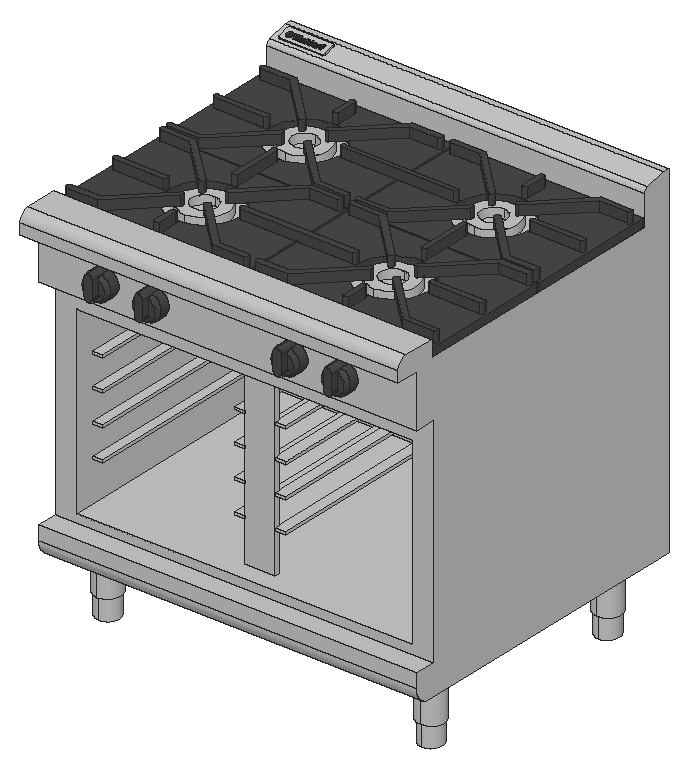
Revit family "QF_MOFFAT WALDORF_RNL8900G-CB", category Specialty Equipment, Revit 2012 (continued)
Automatic sketch dimensions
  Extrusion 7 sketch curve to Extrusion 7 sketch curve = 119.204 mm  (x2)
  Extrusion 7 sketch curve to Extrusion 7 sketch curve = 130.621 mm  (x3)
  Extrusion 7 sketch curve to Extrusion 7 sketch curve = 28.921 mm  (x3)
  Extrusion 7 sketch curve to Extrusion 7 sketch curve = 49.825 mm  (x2)
  Extrusion 1 to Split face 1 sketch curve = 5.177 mm
  Split face 1 sketch curve to Extrusion 1 = 9.153 mm
  Split face 1 sketch curve to Extrusion 1 = 154.563 mm
  Split face 1 sketch curve to Split face 1 sketch curve = 20.0 mm
  Revolve 8 sketch curve to Revolve 8 sketch curve = 23.0 mm
  Revolve 8 sketch curve to Revolve 8 sketch curve = 12.7 mm
  Revolve 8 sketch curve to Revolve 8 sketch curve = 0.0 mm  (x2)
  Revolve 8 sketch curve to plane 6 "TOP" = 166.768 mm
  Revolve 8 sketch curve to Revolve 8 sketch curve = 5.0 mm
  Revolve 8 sketch curve to Revolve 8 sketch curve = 26.651 mm
  Revolve 8 sketch curve to Revolve 8 sketch curve = 5.849 mm
  plane 4 "RIGHT" to Extrusion 9 sketch curve = 175.0 mm
  Extrusion 9 sketch curve to Extrusion 9 sketch curve = 10.0 mm
  Extrusion 9 sketch curve to plane 6 "TOP" = 178.87 mm
  Extrusion 9 sketch curve to Extrusion 9 sketch curve = 38.997 mm
  Revolve 10 sketch curve to plane 5 "FRONT" = 12.0 mm
  Revolve 10 sketch curve to Revolve 10 sketch curve = 0.0 mm  (x2)
  Revolve 10 sketch curve to Revolve 10 sketch curve = 11.0 mm
  Revolve 10 sketch curve to Revolve 10 sketch curve = 12.7 mm
  Revolve 10 sketch curve to Revolve 10 sketch curve = 23.0 mm
  Revolve 10 sketch curve to Revolve 10 sketch curve = 10.0 mm
  Revolve 10 sketch curve to plane 6 "TOP" = 134.467 mm
  Revolve 10 sketch curve to Revolve 10 sketch curve = 5.849 mm
  Revolve 10 sketch curve to Revolve 10 sketch curve = 27.5 mm
  Revolve 10 sketch curve to Revolve 10 sketch curve = 5.0 mm
  plane 7 "Center Y" to Extrusion 11 sketch curve = 175.0 mm
  Extrusion 11 sketch curve to Extrusion 11 sketch curve = 10.0 mm
  Extrusion 11 sketch curve to plane 6 "TOP" = 139.873 mm
  Extrusion 11 sketch curve to Extrusion 11 sketch curve = 39.0 mm
  Extrusion 1 to Split face 2 sketch curve = 5.177 mm
  Split face 2 sketch curve to Extrusion 1 = 9.153 mm
  Split face 2 sketch curve to Extrusion 1 = 204.563 mm
  Split face 2 sketch curve to Split face 2 sketch curve = 20.0 mm
  Extrusion 1 to Split face 3 sketch curve = 5.177 mm
  Split face 3 sketch curve to Extrusion 1 = 9.153 mm
  Split face 3 sketch curve to Extrusion 1 = 254.563 mm
  Split face 3 sketch curve to Split face 3 sketch curve = 20.0 mm
  Extrusion 1 to Split face 4 sketch curve = 5.177 mm
  Split face 4 sketch curve to Extrusion 1 = 9.153 mm
  Split face 4 sketch curve to Extrusion 1 = 304.563 mm
  Split face 4 sketch curve to Split face 4 sketch curve = 20.0 mm
  Extrusion 1 to Split face 5 sketch curve = 5.177 mm
  Split face 5 sketch curve to Extrusion 1 = 9.153 mm
  Split face 5 sketch curve to Extrusion 1 = 354.563 mm
  Split face 5 sketch curve to Split face 5 sketch curve = 20.0 mm
  Extrusion 1 to Split face 6 sketch curve = 5.177 mm
  Split face 6 sketch curve to Extrusion 1 = 9.153 mm
  Split face 6 sketch curve to Extrusion 1 = 404.563 mm
  Split face 6 sketch curve to Split face 6 sketch curve = 20.0 mm
  Extrusion 1 to Split face 7 sketch curve = 5.177 mm
  Split face 7 sketch curve to Extrusion 1 = 9.153 mm
  Split face 7 sketch curve to Extrusion 1 = 445.437 mm
  Split face 7 sketch curve to Split face 7 sketch curve = 20.0 mm
  Extrusion 1 to Split face 8 sketch curve = 5.177 mm
  Split face 8 sketch curve to Extrusion 1 = 9.153 mm
  Split face 8 sketch curve to Extrusion 1 = 395.437 mm
  Split face 8 sketch curve to Split face 8 sketch curve = 20.0 mm
  Extrusion 1 to Split face 9 sketch curve = 5.177 mm
  Split face 9 sketch curve to Extrusion 1 = 9.153 mm
  Split face 9 sketch curve to Extrusion 1 = 345.437 mm
  Split face 9 sketch curve to Split face 9 sketch curve = 20.0 mm
  Extrusion 1 to Split face 10 sketch curve = 5.177 mm
  Split face 10 sketch curve to Extrusion 1 = 9.153 mm
  Split face 10 sketch curve to Extrusion 1 = 295.437 mm
  Split face 10 sketch curve to Split face 10 sketch curve = 20.0 mm
  Extrusion 1 to Split face 11 sketch curve = 5.177 mm
  Split face 11 sketch curve to Extrusion 1 = 9.153 mm
  Split face 11 sketch curve to Extrusion 1 = 245.437 mm
  Split face 11 sketch curve to Split face 11 sketch curve = 20.0 mm
  Extrusion 1 to Split face 12 sketch curve = 5.177 mm
  Split face 12 sketch curve to Extrusion 1 = 9.153 mm
  Split face 12 sketch curve to Extrusion 1 = 195.437 mm
  Split face 12 sketch curve to Split face 12 sketch curve = 20.0 mm
  Revolve 12 sketch curve to plane 9 "Base Height" = 0.0 mm
  Revolve 12 sketch curve to level = 0.0 mm
  level to Revolve 12 sketch curve = 50.0 mm
  plane 1 "BACK" to Revolve 12 sketch curve = 131.75 mm
  Revolve 12 sketch curve to Revolve 12 sketch curve = 4.25 mm
  Revolve 12 sketch curve to Revolve 12 sketch curve = 27.5 mm  (x2)
  Revolve 12 sketch curve to Revolve 12 sketch curve = 55.0 mm
  Revolve 12 sketch curve to Revolve 12 sketch curve = 0.0 mm
  Revolve 13 sketch curve to plane 9 "Base Height" = 0.0 mm
  Revolve 13 sketch curve to level = 0.0 mm
  level to Revolve 13 sketch curve = 50.0 mm
  Revolve 13 sketch curve to plane 5 "FRONT" = 148.25 mm
  Revolve 13 sketch curve to Revolve 13 sketch curve = 4.25 mm
  Revolve 13 sketch curve to Revolve 13 sketch curve = 27.5 mm  (x2)
  Revolve 13 sketch curve to Revolve 13 sketch curve = 55.0 mm
  Revolve 13 sketch curve to Revolve 13 sketch curve = 0.0 mm
  Revolve 14 sketch curve to plane 9 "Base Height" = 0.0 mm
  Revolve 14 sketch curve to level = 0.0 mm
  level to Revolve 14 sketch curve = 50.0 mm
  plane 1 "BACK" to Revolve 14 sketch curve = 131.75 mm
  Revolve 14 sketch curve to Revolve 14 sketch curve = 4.25 mm
  Revolve 14 sketch curve to Revolve 14 sketch curve = 27.5 mm  (x2)
  Revolve 14 sketch curve to Revolve 14 sketch curve = 0.0 mm
  Revolve 14 sketch curve to Revolve 14 sketch curve = 55.0 mm
  Revolve 15 sketch curve to plane 9 "Base Height" = 0.0 mm
  Revolve 15 sketch curve to level = 0.0 mm
  level to Revolve 15 sketch curve = 50.0 mm
  Revolve 15 sketch curve to plane 5 "FRONT" = 148.25 mm
  Revolve 15 sketch curve to Revolve 15 sketch curve = 4.25 mm
  Revolve 15 sketch curve to Revolve 15 sketch curve = 27.5 mm  (x2)
  Revolve 15 sketch curve to Revolve 15 sketch curve = 0.0 mm
  Revolve 15 sketch curve to Revolve 15 sketch curve = 55.0 mm
  Extrusion 1 to Extrusion 16 sketch curve = 0.0 mm  (x3)
  Extrusion 1 to Extrusion 16 sketch curve = 50.0 mm  (x2)
  Extrusion 1 to Extrusion 16 sketch curve = 60.0 mm
  Extrusion 1 sketch curve to plane 5 "FRONT" = 0.0 mm
  plane 10 to Extrusion 1 sketch curve = 0.0 mm
  Extrusion 1 sketch curve to plane 9 "Base Height" = 0.0 mm  (x2)
  Extrusion 1 sketch curve to plane 6 "TOP" = 0.0 mm
  Extrusion 1 sketch curve to plane 1 "BACK" = 0.0 mm
  Extrusion 1 sketch curve to plane 5 "FRONT" = 24.0 mm
  Extrusion 1 sketch curve to plane 5 "FRONT" = 56.0 mm  (x2)
  Extrusion 1 sketch curve to Extrusion 1 sketch curve = 38.0 mm
  Extrusion 1 sketch curve to Extrusion 1 sketch curve = 44.0 mm
  Extrusion 1 sketch curve to Extrusion 1 sketch curve = 12.0 mm  (x2)
  Extrusion 1 sketch curve to Extrusion 1 sketch curve = 100.0 mm
  plane 1 "BACK" to Extrusion 1 sketch curve = 70.0 mm
  Extrusion 1 sketch curve to plane 6 "TOP" = 12.354 mm
  Extrusion 1 sketch curve to Extrusion 1 sketch curve = 8.894 mm
  Extrusion 1 sketch curve to Extrusion 1 sketch curve = 15.0 mm
  Extrusion 1 sketch curve to Extrusion 1 sketch curve = 34.5 mm
  plane 10 to Extrusion 1 sketch curve = 175.0 mm
  Extrusion 1 sketch curve to Extrusion 1 sketch curve = 25.0 mm
  plane 10 to Extrusion 1 sketch curve = 40.0 mm
  Extrusion 16 sketch curve to Extrusion 1 = 0.0 mm
  Extrusion 16 sketch curve to Extrusion 1 = 92.5 mm
  plane 1 "BACK" to Extrusion 17 sketch curve = 87.26 mm
  plane 4 "RIGHT" to Extrusion 17 sketch curve = 67.262 mm
  Extrusion 17 sketch curve to Extrusion 17 sketch curve = 81.0 mm
  Extrusion 17 sketch curve to Extrusion 17 sketch curve = 48.5 mm
  plane 1 "BACK" to Extrusion 17 sketch curve = 38.76 mm
  Extrusion 17 sketch curve to plane 1 "BACK" = 30.24 mm
  Extrusion 1 to Extrusion 19 sketch curve = 75.0 mm  (x2)
  Extrusion 19 sketch curve to Extrusion 1 = 188.75 mm  (x3)
  Extrusion 19 sketch curve to Extrusion 19 sketch curve = 0.0 mm  (x6)
  Extrusion 1 to Extrusion 19 sketch curve = 50.0 mm  (x4)
  Extrusion 19 sketch curve to Extrusion 19 sketch curve = 6.35 mm  (x16)
  Extrusion 19 sketch curve to Extrusion 19 sketch curve = 68.65 mm  (x12)
  Extrusion 19 sketch curve to Extrusion 19 sketch curve = 25.0 mm  (x16)
  Extrusion 19 sketch curve to Extrusion 19 sketch curve = 314.5 mm
  Extrusion 19 sketch curve to Extrusion 19 sketch curve = 71.0 mm  (x4)
  Extrusion 18 sketch curve to Extrusion 1 = 92.5 mm
  Extrusion 1 to Extrusion 18 sketch curve = 60.0 mm
  Extrusion 1 to Extrusion 18 sketch curve = 414.5 mm
  Extrusion 18 sketch curve to Extrusion 18 sketch curve = 71.0 mm
  curve 70 to curve 114 = 0.813 mm
  curve 84 to curve 119 = 0.813 mm
  curve 96 to curve 116 = 1.826 mm
  curve 104 to curve 118 = 1.826 mm
  curve 108 to curve 118 = 6.242 mm
  curve 81 to curve 120 = 7.144 mm
  curve 117 to curve 90 = 1.573 mm
  curve 119 to curve 84 = 0.672 mm
  curve 104 to curve 115 = 7.242 mm
  curve 70 to curve 114 = 8.144 mm
  curve 116 to curve 88 = 0.573 mm
  curve 86 to curve 113 = 0.328 mm
  plane 3 "LEFT" to Extrusion 7 sketch curve = 13.21 mm  (x3)
  plane 1 "BACK" to Extrusion 7 sketch curve = 91.428 mm  (x4)
  plane 1 "BACK" to Extrusion 7 sketch curve = 96.398 mm  (x2)
  plane 4 "RIGHT" to Extrusion 7 sketch curve = 13.21 mm  (x4)
  Extrusion 7 sketch curve to Extrusion 7 sketch curve = 125.272 mm  (x2)
  plane 3 "LEFT" to Extrusion 7 sketch curve = 13.273 mm  (x2)
  plane 4 "RIGHT" to Extrusion 7 sketch curve = 87.354 mm  (x2)
  Extrusion 7 sketch curve to Extrusion 7 sketch curve = 74.143 mm
  plane 4 "RIGHT" to Extrusion 7 sketch curve = 13.273 mm  (x2)
  Extrusion 1 to Extrusion 20 sketch curve = 1.0 mm  (x5)
  Extrusion 20 sketch curve to Extrusion 20 sketch curve = 3.0 mm  (x9)
  Extrusion 1 to Extrusion 20 sketch curve = 4.0 mm  (x2)
  Extrusion 20 sketch curve to Extrusion 20 sketch curve = 0.0 mm  (x6)
  Extrusion 1 to Extrusion 20 sketch curve = 167.079 mm
  Extrusion 1 to Extrusion 20 sketch curve = 167.98 mm
  Extrusion 20 sketch curve to Extrusion 20 sketch curve = 144.395 mm  (x2)
  Extrusion 20 sketch curve to Extrusion 20 sketch curve = 145.296 mm
  Extrusion 20 sketch curve to Extrusion 1 = 167.921 mm
  Extrusion 20 sketch curve to Extrusion 1 = 167.02 mm
  Extrusion 20 sketch curve to Extrusion 1 = 4.0 mm  (x3)
  Extrusion 20 sketch curve to Extrusion 1 = 1.0 mm  (x2)
  Extrusion 1 to Extrusion 20 sketch curve = 224.937 mm  (x2)
  Extrusion 20 sketch curve to Extrusion 20 sketch curve = 220.251 mm  (x2)
  Extrusion 20 sketch curve to Extrusion 20 sketch curve = 3.625 mm  (x2)
  Extrusion 1 to Extrusion 20 sketch curve = 224.05 mm  (x2)
  Extrusion 21 sketch curve to Extrusion 21 sketch curve = 0.0 mm  (x49)
  Extrusion 1 to Extrusion 21 sketch curve = 110.5 mm  (x2)
  Extrusion 21 sketch curve to Extrusion 21 sketch curve = 27.0 mm  (x4)
  Extrusion 21 sketch curve to Extrusion 21 sketch curve = 30.0 mm  (x4)
  Extrusion 21 sketch curve to Extrusion 21 sketch curve = 185.0 mm  (x2)
  Extrusion 1 to Extrusion 21 sketch curve = 224.0 mm  (x2)
  Extrusion 1 to Extrusion 21 sketch curve = 226.0 mm
  curve 86 to curve 121 = 0.0 mm  (x2)
  curve 86 to curve 122 = 27.0 mm
  curve 88 to curve 123 = 0.0 mm  (x2)
  curve 89 to curve 123 = 27.0 mm
  curve 90 to curve 125 = 0.0 mm  (x2)
  curve 90 to curve 125 = 27.0 mm
  curve 84 to curve 127 = 0.0 mm  (x2)
  curve 84 to curve 127 = 27.0 mm
  radius of Extrusion 4 sketch curve = 13.5 mm
  radius of Extrusion 20 sketch curve = 84.082 mm  (x4)
Nested families
  nested 1: "RNL8900G-CB-CASTERS" at (65, -100, 0), Show Casters <- "Show Casters", visible <- "Show Casters", type "RNL8900G-CB-CASTERS"
    with Type Mark "", Status "", Specification by User "", Show Casters no, Revision Code "", Item Number "", Installed By "", Identify Quantity as Lot yes, Furnished By "", Foodservice Equipment Identifier yes
  nested 2: "RNL8900G-CB-CASTERS" at (835, -100, 0), Show Casters <- "Show Casters", visible <- "Show Casters", type "RNL8900G-CB-CASTERS"
    with Type Mark "", Status "", Specification by User "", Show Casters no, Revision Code "", Item Number "", Installed By "", Identify Quantity as Lot yes, Furnished By "", Foodservice Equipment Identifier yes
  nested 3: "WALDORF LOGO_FACE BASE" at (12.413, -20.886, 968.423) x (1, 0, 0) z (0, -0.2588, 0.9659), visible <- "Show Logo", type "WALDORF LOGO_FACE BASE", detail levels medium+fine
    with Show Logo yes
Connectors
  piping at (770, -32, 655)
    settings: on Extrusion 4, index 3, connector radius 0.37402", flow factor 0, pipe flow 0 GPM, pressure drop 0.00 psi, fitting loss kfactor 0, connector angle 0.00°, fixture units 0, engagement length 0.0 mm, flow configuration 1, flow direction 1, fitting loss method 0, system type 7, joint type 0, gender type 0, connector reference index -1, connector utility 0, adjustable connector no, is connector primary yes, fitting loss table "", connector description "GAS CONNECTION"
Definition of nested family "WALDORF LOGO_FACE BASE"
  Parameters (values of type "WALDORF LOGO_FACE BASE")
    Show Logo [instance] = yes
    Default Elevation = 1219.2 mm
  Reference planes
    plane 1 "Center (Front/Back)": y = 0
    plane 2: z = 0
    plane 3 "Center (Left/Right)": x = 0
  Forms (mm)
    Extrusion 1, solid
      sketch origin (0, 0, 0) x (1, 0, 0) y (0, 1, 0)
        loop
          line (-1219.2, 1219.2) -> (-1219.2, -1219.2) -> (1219.2, -1219.2) -> (1219.2, 1219.2) -> (-1219.2, 1219.2)
      from 0 to -304.8
    Extrusion 2, solid, material "QF_Finishes_Stainless Steel", visible <- "Show Logo"
      sketch origin (0, -33.217, 0) x (1, 0, 0) y (0, 1, 0)
        loop
          arc (5, 34.14) -> (1.464, 32.676) -> (0, 29.14) r 5
          line (0, 29.14) -> (0, 5)
          arc (0, 5) -> (1.464, 1.464) -> (5, 0) r 5
          line (5, 0) -> (104, 0)
          arc (104, 0) -> (107.536, 1.464) -> (109, 5) r 5
          line (109, 5) -> (109, 29.14)
          arc (109, 29.14) -> (107.536, 32.676) -> (104, 34.14) r 5
          line (104, 34.14) -> (5, 34.14)
      from 0 to 1.588
    Extrusion 3, solid, material "QF_Finishes_Black", visible <- "Show Logo"
      sketch origin (0, -33.217, 1.588) x (1, 0, 0) y (0, 1, 0)
        loop
          line (24.772, 23.214) -> (27.992, 10.301) -> (31.551, 10.301) -> (33.443, 17.364) -> (35.205, 10.301) -> (39.332, 10.301) -> (42.077, 23.214) -> (38.352, 23.214) -> (36.676, 15.33) -> (35, 23.214) -> (31.752, 23.214) -> (30.076, 15.33) -> (28.4, 23.214) -> (24.772, 23.214)
        loop
          line (42.272, 17.055) -> (45.703, 17.055)
          spline (45.703, 17.055) -> (45.741, 17.285) -> (45.852, 17.499) -> (46.028, 17.682) -> (46.258, 17.823) -> (46.526, 17.912) -> (46.813, 17.942) -> (47.1, 17.912) -> (47.368, 17.823) -> (47.597, 17.682) -> (47.774, 17.499) -> (47.884, 17.285) -> (47.922, 17.055)
          line (47.922, 17.055) -> (47.922, 16.222)
          arc (47.922, 16.222) -> (45.742, 16.014) -> (43.665, 15.317) r 9.604
          arc (43.665, 15.317) -> (41.924, 12.809) -> (43.665, 10.301) r 2.677
          arc (43.665, 10.301) -> (45.527, 10.353) -> (47.332, 10.816) r 8.365
          line (47.332, 10.816) -> (48.092, 11.105) -> (48.092, 10.301) -> (51.817, 10.301) -> (51.817, 17.055)
          spline (51.817, 17.055) -> (51.654, 17.821) -> (51.178, 18.535) -> (50.419, 19.148) -> (49.431, 19.619) -> (48.28, 19.914) -> (47.044, 20.015) -> (45.809, 19.914) -> (44.658, 19.619) -> (43.67, 19.148) -> (42.911, 18.535) -> (42.434, 17.821) -> (42.272, 17.055)
        loop
          line (53.151, 23.214) -> (53.151, 10.301) -> (57.37, 10.301) -> (57.37, 23.214) -> (53.151, 23.214)
        loop
          line (64.874, 23.214) -> (64.874, 18.857)
          arc (64.874, 18.857) -> (58.083, 15.11) -> (64.874, 11.363) r 4.429
          line (64.874, 11.363) -> (64.874, 10.301) -> (68.378, 10.301) -> (68.378, 23.214) -> (64.874, 23.214)
        loop
          arc (64.874, 16.083) -> (61.41, 14.987) -> (64.874, 13.891) r 1.905
          line (64.874, 13.891) -> (64.874, 16.083)
        loop
          circle (74.623, 15.223) r 5
        loop
          spline (74.623, 17.856) -> (74.355, 17.766) -> (74.105, 17.503) -> (73.891, 17.084) -> (73.726, 16.539) -> (73.623, 15.904) -> (73.588, 15.223) -> (73.623, 14.541) -> (73.726, 13.906) -> (73.891, 13.361) -> (74.105, 12.942) -> (74.355, 12.679) -> (74.623, 12.59)
          spline (74.623, 12.59) -> (74.891, 12.679) -> (75.141, 12.942) -> (75.355, 13.361) -> (75.52, 13.906) -> (75.623, 14.541) -> (75.659, 15.223) -> (75.623, 15.904) -> (75.52, 16.539) -> (75.355, 17.084) -> (75.141, 17.503) -> (74.891, 17.766) -> (74.623, 17.856)
        loop
          line (81.255, 19.813) -> (81.255, 10.301) -> (84.834, 10.301) -> (84.834, 14.176)
          arc (84.834, 14.176) -> (85.854, 16.093) -> (88.013, 16.32) r 2.313
          line (88.013, 16.32) -> (88.013, 19.813) -> (87.161, 19.813)
          arc (87.161, 19.813) -> (85.526, 19.266) -> (84.549, 17.844) r 2.717
          line (84.549, 17.844) -> (84.549, 19.813) -> (81.255, 19.813)
        loop
          line (90.249, 19.813) -> (88.91, 19.813) -> (88.91, 17.614) -> (90.249, 17.614) -> (90.249, 10.301) -> (93.998, 10.301) -> (93.998, 17.614) -> (95.418, 17.614) -> (95.418, 19.813) -> (93.998, 19.813)
          arc (93.998, 19.813) -> (94.414, 20.817) -> (95.418, 21.233) r 1.42
          line (95.418, 21.233) -> (95.418, 23.602) -> (93.317, 23.602)
          arc (93.317, 23.602) -> (91.343, 22.903) -> (90.249, 21.118) r 3.137
          line (90.249, 21.118) -> (90.249, 19.813)
        loop
          arc (15.241, 23.571) -> (8.392, 16.525) -> (15.241, 9.479) r 7.049
          line (15.241, 9.479) -> (15.241, 23.571)
        loop
          line (15.641, 23.571) -> (15.641, 9.479)
          arc (15.641, 9.479) -> (22.49, 16.525) -> (15.641, 23.571) r 7.049
        loop
          arc (47.922, 14.711) -> (46.266, 13.749) -> (47.922, 12.787) r 1.107
          line (47.922, 12.787) -> (47.922, 14.711)
      from 0 to 0.2
  Dimensions and locks
    aligned and locked: plane 2 to Extrusion 1
    aligned and locked: level to Extrusion 1
Definition of nested family "RNL8900G-CB-CASTERS"
  Parameters (values of type "BTL8450-CB-CASTERS")
    Weight = ""
    URL Manufacturer = ""
    URL Cutsheet = ""
    URL = ""
    Type Mark [instance] = ""
    Status [instance] = ""
    Specification by User [instance] = ""
    Specification by Manufacturer = ""
    Show Casters [instance] = no
    Serial Number = ""
    Seismic Rating = ""
    SMACNA No = ""
    Revision Code [instance] = ""
    Omniclass Number and Title = ""
    NAFEM Spec ID Number = ""
    Model = ""
    MasterSpec. = ""
    Manufacturer = ""
    Item Number [instance] = ""
    Installed By [instance] = ""
    Identify Quantity as Lot [instance] = yes
    Furnished By [instance] = ""
    Foodservice Equipment Identifier [instance] = yes
    Description = ""
    CSI MasterFormat = ""
    CSI Master Format = ""
    Assembly Code = ""
  Reference planes
    plane 1: z = 0
    plane 2 "RIGHT": x = 0
    plane 3 "FRONT": y = 0
    plane 4 "TOP": z = 177.8
  Forms (mm)
    Revolve 1, solid, material "QF_Finishes_Stainless Steel", visible <- "Show Casters"
      sketch origin (0, 56.335, 0) x (0, 1, 0) y (0, 0, 1)
        loop
          line (-56.335, 152.4) -> (-56.335, 141.118) -> (-23.798, 141.118) -> (-23.798, 152.4) -> (-56.335, 152.4)
        axis (-56.335, 141.118) -> (-56.335, 152.4)
      angle from 0 to 360
    Extrusion 2, solid, material "QF_Finishes_Stainless Steel", visible <- "Show Casters"
      sketch origin (-46.049, 56.335, 0) x (0, 1, 0) y (0, 0, 1)
        loop
          line (-85.799, 141.118) -> (-85.799, 133.498) -> (-82.136, 133.498)
          arc (-82.136, 133.498) -> (-79.344, 132.328) -> (-77.146, 130.248) r 8.432
          line (-77.146, 130.248) -> (-39.502, 49.52)
          arc (-39.502, 49.52) -> (-13.784, 46.107) -> (-5.673, 70.75) r 20.32
          arc (-5.673, 70.75) -> (-7.065, 73.611) -> (-8.887, 76.22) r 20.32
          arc (-8.887, 76.22) -> (-9.399, 85.377) -> (-6.626, 94.119) r 25.4
          line (-6.626, 94.119) -> (8.003, 121.632)
          arc (8.003, 121.632) -> (-2.347, 126.31) -> (-13.34, 129.167) r 66.802
          line (-13.34, 129.167) -> (-13.765, 133.498) -> (-26.871, 133.498) -> (-26.871, 141.118) -> (-85.799, 141.118)
      from 20.058 to 22.923
    Extrusion 3, solid, material "QF_Finishes_Stainless Steel", visible <- "Show Casters"
      sketch origin (3.326, 56.335, 0) x (0, 1, 0) y (0, 0, 1)
        loop
          line (-85.799, 141.118) -> (-85.799, 133.498) -> (-82.136, 133.498)
          arc (-82.136, 133.498) -> (-79.344, 132.328) -> (-77.146, 130.248) r 8.432
          line (-77.146, 130.248) -> (-39.502, 49.52)
          arc (-39.502, 49.52) -> (-13.784, 46.107) -> (-5.673, 70.75) r 20.32
          arc (-5.673, 70.75) -> (-7.065, 73.611) -> (-8.887, 76.22) r 20.32
          arc (-8.887, 76.22) -> (-9.399, 85.377) -> (-6.626, 94.119) r 25.4
          line (-6.626, 94.119) -> (8.003, 121.632)
          arc (8.003, 121.632) -> (-2.347, 126.31) -> (-13.34, 129.167) r 66.802
          line (-13.34, 129.167) -> (-13.765, 133.498) -> (-26.871, 133.498) -> (-26.871, 141.118) -> (-85.799, 141.118)
      from 20.058 to 22.923
    Extrusion 4, solid, material "QF_Finishes_Stainless Steel", visible <- "Show Casters"
      sketch origin (-49.224, 56.335, 0) x (0, 1, 0) y (0, 0, 1)
        loop
          line (-85.799, 141.118) -> (-85.799, 133.498) -> (-82.136, 133.498) -> (-18.877, 127.964) -> (7.14, 120.01) -> (8.003, 121.632)
          arc (8.003, 121.632) -> (-2.347, 126.31) -> (-13.34, 129.167) r 66.802
          line (-13.34, 129.167) -> (-13.765, 133.498) -> (-26.871, 133.498) -> (-26.871, 141.118) -> (-85.799, 141.118)
      from 26.098 to 72.56
    Revolve 5, solid, material "QF_Finishes_Stainless Steel", visible <- "Show Casters"
      sketch origin (-49.224, 30.821, 0) x (1, 0, 0) y (0, 0, 1)
        loop
          line (14.841, 63.604) -> (83.584, 63.604) -> (83.584, 67.109) -> (82.314, 68.379) -> (80.79, 68.379) -> (80.79, 71.826) -> (68.644, 71.826) -> (68.644, 81.79) -> (65.088, 83.843) -> (61.683, 104.879) -> (65.881, 104.879) -> (65.881, 111.229) -> (65.088, 111.229) -> (65.088, 117.579)
          arc (65.088, 117.579) -> (62.298, 124.314) -> (55.563, 127.104) r 9.525
          line (55.563, 127.104) -> (42.863, 127.104)
          arc (42.863, 127.104) -> (36.127, 124.314) -> (33.338, 117.579) r 9.525
          line (33.338, 117.579) -> (33.338, 111.229) -> (32.544, 111.229) -> (32.544, 104.879) -> (36.742, 104.879) -> (33.352, 83.932) -> (29.782, 81.871) -> (29.782, 71.826) -> (17.635, 71.826) -> (17.635, 68.379) -> (16.111, 68.379) -> (14.841, 67.109) -> (14.841, 63.604)
        axis (14.841, 63.604) -> (83.584, 63.604)
      angle from 0 to 360
  Cuts and joins
    joined: Extrusion 2, Extrusion 3, Extrusion 4
  Lines and regions (mm)
    symbolic lines, style "SpecialityEquipmentHiddenLines", visible <- "Show Casters"
      curve 1: line (18.009, 67.053, 0) -> (45.595, 51.127, 0)
      curve 2: line (-45.491, -42.932, 0) -> (18.009, 67.053, 0)
      curve 3: line (-17.905, -58.859, 0) -> (-45.491, -42.932, 0)
      curve 4: line (45.595, 51.127, 0) -> (-17.905, -58.859, 0)
  Dimensions and locks
    plane 4 "TOP" to level = 177.8 mm  (x2)
    Revolve 5 sketch curve to Revolve 5 sketch curve = 63.5 mm
    aligned and locked: level to plane 1
